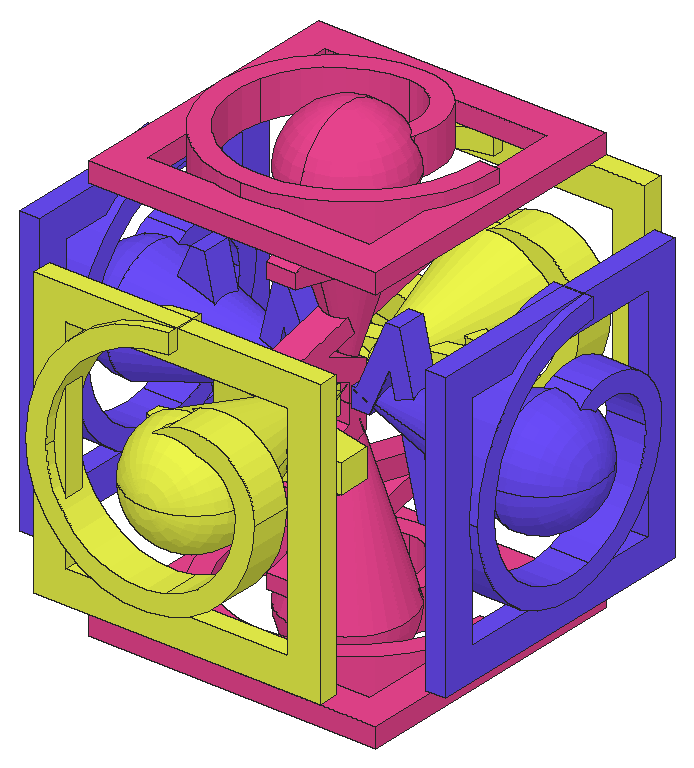
Revit family "4474f7a7a8354edb8a90cbab840c03d5", category Boundary Conditions, Revit 2021
Family settings
  Seek Item ID = Boundary Condition-Variable-0000-USA-ENU
  Work Plane-Based = No
  Always vertical = Yes
  Cut with Voids When Loaded = No
  Shared = No
Parameters (values of type "Boundary Condition-Variable")
  built-in parameter 1140532 [instance] = yes
  built-in parameter 1140531 [instance] = yes
  built-in parameter 1140530 [instance] = yes
  built-in parameter 1140529 [instance] = yes
  built-in parameter 1140528 [instance] = yes
  built-in parameter 1140527 [instance] = yes
  built-in parameter 1140526 [instance] = yes
  built-in parameter 1140525 [instance] = yes
  built-in parameter 1140524 [instance] = yes
  built-in parameter 1140523 [instance] = yes
  built-in parameter 1140522 [instance] = yes
  built-in parameter 1140521 [instance] = yes
Reference planes (in)
  plane 1 "Center (Front/Back)": y = 0
  plane 2: z = 0
  plane 3 "Center (Left/Right)": x = 0
  plane 4 "Xleft": x = 4.93725
  plane 5 "Xright": x = -4.93725
  plane 6 "Ztop": z = 4.93725
  plane 7 "Zbot": z = -4.93725
  plane 8 "PosY": y = 5.18725
  plane 9 "NegY": y = -5.18725
  plane 10 "PosX": x = 5.18725
  plane 11 "NegX": x = -5.18725
  plane 12: z = -2
  plane 13: z = 2
Forms (in)
  Revolve 1, solid, material "XDirection", visible <- "built-in parameter 1140523"
    sketch origin (0, 0, 0) x (1, 0, 0) y (0, 1, 0)
      loop
        line (-0.02205, 0.01273) -> (-4.93725, 1.51546)
        arc (-4.93725, 1.51546) -> (-6.00884, 1.07159) -> (-6.45271, 0) r 1.51546
        line (-6.45271, 0) -> (0, 0) -> (6.45271, 0)
        arc (6.45271, 0) -> (6.00884, 1.07159) -> (4.93725, 1.51546) r 1.51546
        line (4.93725, 1.51546) -> (0.02205, 0.01273) -> (-0.02205, 0.01273)
      axis (-6.45271, 0) -> (6.45271, 0)
    angle from 0 to 360
  Revolve 2, solid, material "YDirection", visible <- "built-in parameter 1140527"
    sketch origin (0, 0, 0) x (0, 1, 0) y (-1, 0, 0)
      loop
        line (-0.02205, 0.01273) -> (-4.93725, 1.51546)
        arc (-4.93725, 1.51546) -> (-6.00884, 1.07159) -> (-6.45271, 0) r 1.51546
        line (-6.45271, 0) -> (0, 0) -> (6.45271, 0)
        arc (6.45271, 0) -> (6.00884, 1.07159) -> (4.93725, 1.51546) r 1.51546
        line (4.93725, 1.51546) -> (0.02205, 0.01273) -> (-0.02205, 0.01273)
      axis (-6.45271, 0) -> (6.45271, 0)
    angle from 0 to 360
  Revolve 3, solid, material "ZDirection", visible <- "built-in parameter 1140531"
    sketch origin (0, 0, 0) x (0, 0, -1) y (0, 1, 0)
      loop
        line (-0.02205, 0.01273) -> (-4.93725, 1.51546)
        arc (-4.93725, 1.51546) -> (-6.00884, 1.07159) -> (-6.45271, 0) r 1.51546
        line (-6.45271, 0) -> (0, 0) -> (6.45271, 0)
        arc (6.45271, 0) -> (6.00884, 1.07159) -> (4.93725, 1.51546) r 1.51546
        line (4.93725, 1.51546) -> (0.02205, 0.01273) -> (-0.02205, 0.01273)
      axis (-6.45271, 0) -> (6.45271, 0)
    angle from 0 to 360
  Sweep 4, solid, material "XDirection", visible <- "built-in parameter 1140521"
    path origin (4.93725, 0, -3.24907) x (0, 0, 1) y (0, 1, 0)
      loop
        line (0, 3.66443) -> (0, -3.66443)
    profile origin (4.93725, 0, -3.24907) x (0, 0, 1) y (-1, 0, 0)
      loop
        line (0.41536, 0) -> (-0.41536, 0) -> (-0.41536, -0.5) -> (0.41536, -0.5) -> (0.41536, 0)
  Sweep 5, solid, material "XDirection", visible <- "built-in parameter 1140521"
    path origin (4.93725, -3.24907, 0) x (0, 1, 0) y (0, 0, -1)
      loop
        line (0, 3.66443) -> (0, -3.66443)
    profile origin (4.93725, -3.24907, 0) x (0, 1, 0) y (-1, 0, 0)
      loop
        line (0.41536, 0) -> (-0.41536, 0) -> (-0.41536, -0.5) -> (0.41536, -0.5) -> (0.41536, 0)
  Sweep 6, solid, material "XDirection", visible <- "built-in parameter 1140521"
    path origin (-5.43725, 0, -3.24907) x (0, 0, 1) y (0, 1, 0)
      loop
        line (0, 3.66443) -> (0, -3.66443)
    profile origin (-5.43725, 0, -3.24907) x (0, 0, 1) y (-1, 0, 0)
      loop
        line (0.41536, 0) -> (-0.41536, 0) -> (-0.41536, -0.5) -> (0.41536, -0.5) -> (0.41536, 0)
  Sweep 7, solid, material "XDirection", visible <- "built-in parameter 1140521"
    path origin (-5.43725, -3.24907, 0) x (0, 1, 0) y (0, 0, -1)
      loop
        line (0, 3.66443) -> (0, -3.66443)
    profile origin (-5.43725, -3.24907, 0) x (0, 1, 0) y (-1, 0, 0)
      loop
        line (0.41536, 0) -> (-0.41536, 0) -> (-0.41536, -0.5) -> (0.41536, -0.5) -> (0.41536, 0)
  Sweep 8, solid, material "ZDirection", visible <- "built-in parameter 1140529"
    path origin (-3.24907, 0, 4.93725) x (0, 1, 0) y (-1, 0, 0)
      loop
        line (3.66443, 0) -> (-3.66443, 0)
    profile origin (-3.24907, 0, 4.93725) x (1, 0, 0) y (0, 0, 1)
      loop
        line (-0.41536, 0) -> (0.41536, 0) -> (0.41536, 0.5) -> (-0.41536, 0.5) -> (-0.41536, 0)
  Sweep 9, solid, material "ZDirection", visible <- "built-in parameter 1140529"
    path origin (0, -3.24907, 4.93725) x (1, 0, 0) y (0, 1, 0)
      loop
        line (3.66443, 0) -> (-3.66443, 0)
    profile origin (0, -3.24907, 4.93725) x (0, -1, 0) y (0, 0, 1)
      loop
        line (-0.41536, 0) -> (0.41536, 0) -> (0.41536, 0.5) -> (-0.41536, 0.5) -> (-0.41536, 0)
  Sweep 10, solid, material "ZDirection", visible <- "built-in parameter 1140529"
    path origin (-3.24907, 0, -5.43725) x (0, 1, 0) y (-1, 0, 0)
      loop
        line (3.66443, 0) -> (-3.66443, 0)
    profile origin (-3.24907, 0, -5.43725) x (1, 0, 0) y (0, 0, 1)
      loop
        line (-0.41536, 0) -> (0.41536, 0) -> (0.41536, 0.5) -> (-0.41536, 0.5) -> (-0.41536, 0)
  Sweep 11, solid, material "ZDirection", visible <- "built-in parameter 1140529"
    path origin (0, -3.24907, -5.43725) x (1, 0, 0) y (0, 1, 0)
      loop
        line (3.66443, 0) -> (-3.66443, 0)
    profile origin (0, -3.24907, -5.43725) x (0, -1, 0) y (0, 0, 1)
      loop
        line (-0.41536, 0) -> (0.41536, 0) -> (0.41536, 0.5) -> (-0.41536, 0.5) -> (-0.41536, 0)
  Sweep 12, solid, material "YDirection", visible <- "built-in parameter 1140525"
    path origin (-3.25, 4.93725, 0) x (-1, 0, 0) y (0, 0, -1)
      loop
        line (0, 3.66443) -> (0, -3.66443)
    profile origin (-3.25, 4.93725, 0) x (-1, 0, 0) y (0, -1, 0)
      loop
        line (0.41536, 0) -> (-0.41536, 0) -> (-0.41536, -0.5) -> (0.41536, -0.5) -> (0.41536, 0)
  Sweep 13, solid, material "YDirection", visible <- "built-in parameter 1140525"
    path origin (0, 4.93725, -3.25) x (0, 0, -1) y (1, 0, 0)
      loop
        line (0, 3.66443) -> (0, -3.66443)
    profile origin (0, 4.93725, -3.25) x (0, 0, -1) y (0, -1, 0)
      loop
        line (0.41536, 0) -> (-0.41536, 0) -> (-0.41536, -0.5) -> (0.41536, -0.5) -> (0.41536, 0)
  Sweep 14, solid, material "YDirection", visible <- "built-in parameter 1140525"
    path origin (3.24907, -5.43725, 0) x (-1, 0, 0) y (0, 0, -1)
      loop
        line (0, 3.66443) -> (0, -3.66443)
    profile origin (3.24907, -5.43725, 0) x (-1, 0, 0) y (0, -1, 0)
      loop
        line (0.41536, 0) -> (-0.41536, 0) -> (-0.41536, -0.5) -> (0.41536, -0.5) -> (0.41536, 0)
  Sweep 15, solid, material "YDirection", visible <- "built-in parameter 1140525"
    path origin (0, -5.43725, -3.24907) x (0, 0, -1) y (1, 0, 0)
      loop
        line (0, 3.66443) -> (0, -3.66443)
    profile origin (0, -5.43725, -3.24907) x (0, 0, -1) y (0, -1, 0)
      loop
        line (0.41536, 0) -> (-0.41536, 0) -> (-0.41536, -0.5) -> (0.41536, -0.5) -> (0.41536, 0)
  Sweep 16, solid, material "XDirection", visible <- "built-in parameter 1140521"
    path origin (-5.43725, 0, 3.24907) x (0, 0, 1) y (0, 1, 0)
      loop
        line (0, 3.66443) -> (0, -3.66443)
    profile origin (-5.43725, 0, 3.24907) x (0, 0, 1) y (-1, 0, 0)
      loop
        line (0.41536, 0) -> (-0.41536, 0) -> (-0.41536, -0.5) -> (0.41536, -0.5) -> (0.41536, 0)
  Sweep 17, solid, material "YDirection", visible <- "built-in parameter 1140525"
    path origin (0, 4.93725, 3.25) x (0, 0, -1) y (1, 0, 0)
      loop
        line (0, 3.66443) -> (0, -3.66443)
    profile origin (0, 4.93725, 3.25) x (0, 0, -1) y (0, -1, 0)
      loop
        line (0.41536, 0) -> (-0.41536, 0) -> (-0.41536, -0.5) -> (0.41536, -0.5) -> (0.41536, 0)
  Sweep 18, solid, material "YDirection", visible <- "built-in parameter 1140525"
    path origin (3.25, 4.93725, 0) x (-1, 0, 0) y (0, 0, -1)
      loop
        line (0, 3.66443) -> (0, -3.66443)
    profile origin (3.25, 4.93725, 0) x (-1, 0, 0) y (0, -1, 0)
      loop
        line (0.41536, 0) -> (-0.41536, 0) -> (-0.41536, -0.5) -> (0.41536, -0.5) -> (0.41536, 0)
  Sweep 19, solid, material "ZDirection", visible <- "built-in parameter 1140529"
    path origin (3.24907, 0, 4.93725) x (0, 1, 0) y (-1, 0, 0)
      loop
        line (3.66443, 0) -> (-3.66443, 0)
    profile origin (3.24907, 0, 4.93725) x (1, 0, 0) y (0, 0, 1)
      loop
        line (-0.41536, 0) -> (0.41536, 0) -> (0.41536, 0.5) -> (-0.41536, 0.5) -> (-0.41536, 0)
  Sweep 20, solid, material "ZDirection", visible <- "built-in parameter 1140529"
    path origin (3.24907, 0, -5.43725) x (0, 1, 0) y (-1, 0, 0)
      loop
        line (3.66443, 0) -> (-3.66443, 0)
    profile origin (3.24907, 0, -5.43725) x (1, 0, 0) y (0, 0, 1)
      loop
        line (-0.41536, 0) -> (0.41536, 0) -> (0.41536, 0.5) -> (-0.41536, 0.5) -> (-0.41536, 0)
  Sweep 21, solid, material "XDirection", visible <- "built-in parameter 1140521"
    path origin (4.93725, 0, 3.24907) x (0, 0, 1) y (0, 1, 0)
      loop
        line (0, 3.66443) -> (0, -3.66443)
    profile origin (4.93725, 0, 3.24907) x (0, 0, 1) y (-1, 0, 0)
      loop
        line (0.41536, 0) -> (-0.41536, 0) -> (-0.41536, -0.5) -> (0.41536, -0.5) -> (0.41536, 0)
  Sweep 22, solid, material "YDirection", visible <- "built-in parameter 1140525"
    path origin (0, -5.43725, 3.24907) x (0, 0, -1) y (1, 0, 0)
      loop
        line (0, 3.66443) -> (0, -3.66443)
    profile origin (0, -5.43725, 3.24907) x (0, 0, -1) y (0, -1, 0)
      loop
        line (0.41536, 0) -> (-0.41536, 0) -> (-0.41536, -0.5) -> (0.41536, -0.5) -> (0.41536, 0)
  Sweep 23, solid, material "XDirection", visible <- "built-in parameter 1140521"
    path origin (-5.43725, 3.24907, 0) x (0, 1, 0) y (0, 0, -1)
      loop
        line (0, 3.66443) -> (0, -3.66443)
    profile origin (-5.43725, 3.24907, 0) x (0, 1, 0) y (-1, 0, 0)
      loop
        line (0.41536, 0) -> (-0.41536, 0) -> (-0.41536, -0.5) -> (0.41536, -0.5) -> (0.41536, 0)
  Sweep 24, solid, material "ZDirection", visible <- "built-in parameter 1140529"
    path origin (0, 3.24907, 4.93725) x (1, 0, 0) y (0, 1, 0)
      loop
        line (3.66443, 0) -> (-3.66443, 0)
    profile origin (0, 3.24907, 4.93725) x (0, -1, 0) y (0, 0, 1)
      loop
        line (-0.41536, 0) -> (0.41536, 0) -> (0.41536, 0.5) -> (-0.41536, 0.5) -> (-0.41536, 0)
  Sweep 25, solid, material "ZDirection", visible <- "built-in parameter 1140529"
    path origin (0, 3.24907, -5.43725) x (1, 0, 0) y (0, 1, 0)
      loop
        line (3.66443, 0) -> (-3.66443, 0)
    profile origin (0, 3.24907, -5.43725) x (0, -1, 0) y (0, 0, 1)
      loop
        line (-0.41536, 0) -> (0.41536, 0) -> (0.41536, 0.5) -> (-0.41536, 0.5) -> (-0.41536, 0)
  Sweep 26, solid, material "YDirection", visible <- "built-in parameter 1140525"
    path origin (-3.24907, -5.43725, 0) x (-1, 0, 0) y (0, 0, -1)
      loop
        line (0, 3.66443) -> (0, -3.66443)
    profile origin (-3.24907, -5.43725, 0) x (-1, 0, 0) y (0, -1, 0)
      loop
        line (0.41536, 0) -> (-0.41536, 0) -> (-0.41536, -0.5) -> (0.41536, -0.5) -> (0.41536, 0)
  Sweep 27, solid, material "XDirection", visible <- "built-in parameter 1140521"
    path origin (4.93725, 3.24907, 0) x (0, 1, 0) y (0, 0, -1)
      loop
        line (0, 3.66443) -> (0, -3.66443)
    profile origin (4.93725, 3.24907, 0) x (0, 1, 0) y (-1, 0, 0)
      loop
        line (0.41536, 0) -> (-0.41536, 0) -> (-0.41536, -0.5) -> (0.41536, -0.5) -> (0.41536, 0)
  Extrusion 28, solid, material "YDirection", visible <- "built-in parameter 1140526"
    sketch origin (0, 5.18725, 0) x (-1, 0, 0) y (0, 0, 1)
      loop
        line (0, 3.66443) -> (0, 3.16443)
        arc (0, 3.16443) -> (2.23759, 2.23759) -> (3.16443, 0) r 3.16443
        arc (3.16443, 0) -> (2.22176, -1.9206) -> (0.12578, -2.34979) r 2.42787
        arc (0.12578, -2.34979) -> (-1.18404, -1.4852) -> (-1.69131, 0) r 2.42787
        arc (-1.69131, 0) -> (-1.20851, 0.92091) -> (-0.17646, 1.04763) r 1.11968
        arc (-0.17646, 1.04763) -> (0.22021, 0.68576) -> (0.25968, 0.15028) r 0.72589
        arc (0.25968, 0.15028) -> (0.20098, 0.07714) -> (0.10829, 0.06288) r 0.12935
        line (0.10829, 0.06288) -> (0, -0.42525)
        arc (0, -0.42525) -> (0.45098, -0.35587) -> (0.73656, 0) r 0.62935
        arc (0.73656, 0) -> (0.66991, 0.90433) -> (0, 1.51546) r 1.22589
        arc (0, 1.51546) -> (-1.49291, 1.33215) -> (-2.19131, 0) r 1.61968
        arc (-2.19131, 0) -> (-1.57958, -1.79107) -> (0, -2.83371) r 2.92787
        arc (0, -2.83371) -> (2.52763, -2.31613) -> (3.66443, 0) r 2.92787
        arc (3.66443, 0) -> (2.59114, 2.59114) -> (0, 3.66443) r 3.66443
    from -0.5 to 0.5
  Extrusion 29, solid, material "XDirection", visible <- "built-in parameter 1140522"
    sketch origin (5.18195, 0.73656, 0) x (0, -1, 0) y (0, 0, 1)
      loop
        line (0, 3.66443) -> (0, 3.16443)
        arc (0, 3.16443) -> (2.23759, 2.23759) -> (3.16443, 0) r 3.16443
        arc (3.16443, 0) -> (2.22176, -1.9206) -> (0.12578, -2.34979) r 2.42787
        arc (0.12578, -2.34979) -> (-1.18404, -1.4852) -> (-1.69131, 0) r 2.42787
        arc (-1.69131, 0) -> (-1.20851, 0.92091) -> (-0.17646, 1.04763) r 1.11968
        arc (-0.17646, 1.04763) -> (0.22021, 0.68576) -> (0.25968, 0.15028) r 0.72589
        arc (0.25968, 0.15028) -> (0.20098, 0.07714) -> (0.10829, 0.06288) r 0.12935
        line (0.10829, 0.06288) -> (0, -0.42525)
        arc (0, -0.42525) -> (0.45098, -0.35587) -> (0.73656, 0) r 0.62935
        arc (0.73656, 0) -> (0.66991, 0.90433) -> (0, 1.51546) r 1.22589
        arc (0, 1.51546) -> (-1.49291, 1.33215) -> (-2.19131, 0) r 1.61968
        arc (-2.19131, 0) -> (-1.57958, -1.79107) -> (0, -2.83371) r 2.92787
        arc (0, -2.83371) -> (2.52763, -2.31613) -> (3.66443, 0) r 2.92787
        arc (3.66443, 0) -> (2.59114, 2.59114) -> (0, 3.66443) r 3.66443
    from -0.5 to 0.5
  Extrusion 30, solid, material "XDirection", visible <- "built-in parameter 1140522"
    sketch origin (-5.18725, 0.73656, 0) x (0, -1, 0) y (0, 0, 1)
      loop
        line (0, 3.66443) -> (0, 3.16443)
        arc (0, 3.16443) -> (2.23759, 2.23759) -> (3.16443, 0) r 3.16443
        arc (3.16443, 0) -> (2.22176, -1.9206) -> (0.12578, -2.34979) r 2.42787
        arc (0.12578, -2.34979) -> (-1.18404, -1.4852) -> (-1.69131, 0) r 2.42787
        arc (-1.69131, 0) -> (-1.20851, 0.92091) -> (-0.17646, 1.04763) r 1.11968
        arc (-0.17646, 1.04763) -> (0.22021, 0.68576) -> (0.25968, 0.15028) r 0.72589
        arc (0.25968, 0.15028) -> (0.20098, 0.07714) -> (0.10829, 0.06288) r 0.12935
        line (0.10829, 0.06288) -> (0, -0.42525)
        arc (0, -0.42525) -> (0.45098, -0.35587) -> (0.73656, 0) r 0.62935
        arc (0.73656, 0) -> (0.66991, 0.90433) -> (0, 1.51546) r 1.22589
        arc (0, 1.51546) -> (-1.49291, 1.33215) -> (-2.19131, 0) r 1.61968
        arc (-2.19131, 0) -> (-1.57958, -1.79107) -> (0, -2.83371) r 2.92787
        arc (0, -2.83371) -> (2.52763, -2.31613) -> (3.66443, 0) r 2.92787
        arc (3.66443, 0) -> (2.59114, 2.59114) -> (0, 3.66443) r 3.66443
    from -0.5 to 0.5
  Extrusion 31, solid, material "ZDirection", visible <- "built-in parameter 1140530"
    sketch origin (-0.37362, 0.73656, -5.13681) x (0, -1, 0) y (1, 0, 0)
      loop
        line (0, 3.66443) -> (0, 3.16443)
        arc (0, 3.16443) -> (2.23759, 2.23759) -> (3.16443, 0) r 3.16443
        arc (3.16443, 0) -> (2.22176, -1.9206) -> (0.12578, -2.34979) r 2.42787
        arc (0.12578, -2.34979) -> (-1.18404, -1.4852) -> (-1.69131, 0) r 2.42787
        arc (-1.69131, 0) -> (-1.20851, 0.92091) -> (-0.17646, 1.04763) r 1.11968
        arc (-0.17646, 1.04763) -> (0.22021, 0.68576) -> (0.25968, 0.15028) r 0.72589
        arc (0.25968, 0.15028) -> (0.20098, 0.07714) -> (0.10829, 0.06288) r 0.12935
        line (0.10829, 0.06288) -> (0, -0.42525)
        arc (0, -0.42525) -> (0.45098, -0.35587) -> (0.73656, 0) r 0.62935
        arc (0.73656, 0) -> (0.66991, 0.90433) -> (0, 1.51546) r 1.22589
        arc (0, 1.51546) -> (-1.49291, 1.33215) -> (-2.19131, 0) r 1.61968
        arc (-2.19131, 0) -> (-1.57958, -1.79107) -> (0, -2.83371) r 2.92787
        arc (0, -2.83371) -> (2.52763, -2.31613) -> (3.66443, 0) r 2.92787
        arc (3.66443, 0) -> (2.59114, 2.59114) -> (0, 3.66443) r 3.66443
    from -0.5 to 0.5
  Extrusion 32, solid, material "ZDirection", visible <- "built-in parameter 1140530"
    sketch origin (-0.37362, 0.73656, 5.2679) x (0, -1, 0) y (1, 0, 0)
      loop
        line (0, 3.66443) -> (0, 3.16443)
        arc (0, 3.16443) -> (2.23759, 2.23759) -> (3.16443, 0) r 3.16443
        arc (3.16443, 0) -> (2.22176, -1.9206) -> (0.12578, -2.34979) r 2.42787
        arc (0.12578, -2.34979) -> (-1.18404, -1.4852) -> (-1.69131, 0) r 2.42787
        arc (-1.69131, 0) -> (-1.20851, 0.92091) -> (-0.17646, 1.04763) r 1.11968
        arc (-0.17646, 1.04763) -> (0.22021, 0.68576) -> (0.25968, 0.15028) r 0.72589
        arc (0.25968, 0.15028) -> (0.20098, 0.07714) -> (0.10829, 0.06288) r 0.12935
        line (0.10829, 0.06288) -> (0, -0.42525)
        arc (0, -0.42525) -> (0.45098, -0.35587) -> (0.73656, 0) r 0.62935
        arc (0.73656, 0) -> (0.66991, 0.90433) -> (0, 1.51546) r 1.22589
        arc (0, 1.51546) -> (-1.49291, 1.33215) -> (-2.19131, 0) r 1.61968
        arc (-2.19131, 0) -> (-1.57958, -1.79107) -> (0, -2.83371) r 2.92787
        arc (0, -2.83371) -> (2.52763, -2.31613) -> (3.66443, 0) r 2.92787
        arc (3.66443, 0) -> (2.59114, 2.59114) -> (0, 3.66443) r 3.66443
    from -0.5 to 0.5
  Extrusion 33, solid, material "XDirection", visible <- "built-in parameter 1140524"
    sketch origin (0, 0, 0) x (-1, 0, 0) y (0, 0, -1)
      loop
        line (0, 0.25) -> (0, -0.25) -> (0.5, -0.25) -> (1.24283, -2) -> (1.61603, -2) -> (2.4921, 1.79469) -> (3.36817, -2) -> (3.74137, -2) -> (4.4842, -0.25) -> (5.43725, -0.25) -> (5.43725, 0.25) -> (4.15326, 0.25) -> (3.64066, -0.95759) -> (2.88982, 2.29469) -> (2.09438, 2.29469) -> (1.34353, -0.95759) -> (0.83094, 0.25) -> (0, 0.25)
    from -0.39631 to 0.33557
  Extrusion 34, solid, material "YDirection", visible <- "built-in parameter 1140526"
    sketch origin (0, -5.18725, 0) x (-1, 0, 0) y (0, 0, 1)
      loop
        line (0, 3.66443) -> (0, 3.16443)
        arc (0, 3.16443) -> (2.23759, 2.23759) -> (3.16443, 0) r 3.16443
        arc (3.16443, 0) -> (2.22176, -1.9206) -> (0.12578, -2.34979) r 2.42787
        arc (0.12578, -2.34979) -> (-1.18404, -1.4852) -> (-1.69131, 0) r 2.42787
        arc (-1.69131, 0) -> (-1.20851, 0.92091) -> (-0.17646, 1.04763) r 1.11968
        arc (-0.17646, 1.04763) -> (0.22021, 0.68576) -> (0.25968, 0.15028) r 0.72589
        arc (0.25968, 0.15028) -> (0.20098, 0.07714) -> (0.10829, 0.06288) r 0.12935
        line (0.10829, 0.06288) -> (0, -0.42525)
        arc (0, -0.42525) -> (0.45098, -0.35587) -> (0.73656, 0) r 0.62935
        arc (0.73656, 0) -> (0.66991, 0.90433) -> (0, 1.51546) r 1.22589
        arc (0, 1.51546) -> (-1.49291, 1.33215) -> (-2.19131, 0) r 1.61968
        arc (-2.19131, 0) -> (-1.57958, -1.79107) -> (0, -2.83371) r 2.92787
        arc (0, -2.83371) -> (2.52763, -2.31613) -> (3.66443, 0) r 2.92787
        arc (3.66443, 0) -> (2.59114, 2.59114) -> (0, 3.66443) r 3.66443
    from -0.5 to 0.5
  Extrusion 35, solid, material "XDirection", visible <- "built-in parameter 1140524"
    sketch origin (0, 0, 0) x (1, 0, 0) y (0, 0, 1)
      loop
        line (0, -0.25) -> (0.83094, -0.25) -> (1.34353, 0.95759) -> (2.09438, -2.29469) -> (2.88982, -2.29469) -> (3.64066, 0.95759) -> (4.15326, -0.25) -> (5.43725, -0.25) -> (5.43725, 0.25) -> (4.4842, 0.25) -> (3.74137, 2) -> (3.36817, 2) -> (2.4921, -1.79469) -> (1.61603, 2) -> (1.24283, 2) -> (0.5, 0.25) -> (0, 0.25) -> (0, -0.25)
    from -0.39631 to 0.33557
  Extrusion 36, solid, material "ZDirection", visible <- "built-in parameter 1140532"
    sketch origin (-0.03037, -0.11698, -0.14735) x (0, 0, 1) y (0, 1, 0)
      loop
        line (0, 0.25) -> (0, -0.25) -> (0.5, -0.25) -> (1.24283, -2) -> (1.61603, -2) -> (2.4921, 1.79469) -> (3.36817, -2) -> (3.74137, -2) -> (4.4842, -0.25) -> (5.43725, -0.25) -> (5.43725, 0.25) -> (4.15326, 0.25) -> (3.64066, -0.95759) -> (2.88982, 2.29469) -> (2.09438, 2.29469) -> (1.34353, -0.95759) -> (0.83094, 0.25) -> (0, 0.25)
    from -0.39631 to 0.33557
  Extrusion 37, solid, material "ZDirection", visible <- "built-in parameter 1140532"
    sketch origin (-0.03037, -0.11698, -0.14735) x (0, 0, -1) y (0, -1, 0)
      loop
        line (0, -0.25) -> (0.83094, -0.25) -> (1.34353, 0.95759) -> (2.09438, -2.29469) -> (2.88982, -2.29469) -> (3.64066, 0.95759) -> (4.15326, -0.25) -> (5.43725, -0.25) -> (5.43725, 0.25) -> (4.4842, 0.25) -> (3.74137, 2) -> (3.36817, 2) -> (2.4921, -1.79469) -> (1.61603, 2) -> (1.24283, 2) -> (0.5, 0.25) -> (0, 0.25) -> (0, -0.25)
    from -0.39631 to 0.33557
  Extrusion 38, solid, material "YDirection", visible <- "built-in parameter 1140528"
    sketch origin (-0.14735, 0.03037, -0.11698) x (0, -1, 0) y (1, 0, 0)
      loop
        line (0, 0.25) -> (0, -0.25) -> (0.5, -0.25) -> (1.24283, -2) -> (1.61603, -2) -> (2.4921, 1.79469) -> (3.36817, -2) -> (3.74137, -2) -> (4.4842, -0.25) -> (5.43725, -0.25) -> (5.43725, 0.25) -> (4.15326, 0.25) -> (3.64066, -0.95759) -> (2.88982, 2.29469) -> (2.09438, 2.29469) -> (1.34353, -0.95759) -> (0.83094, 0.25) -> (0, 0.25)
    from -0.39631 to 0.33557
  Extrusion 39, solid, material "YDirection", visible <- "built-in parameter 1140528"
    sketch origin (-0.14735, 0.03037, -0.11698) x (0, 1, 0) y (-1, 0, 0)
      loop
        line (0, -0.25) -> (0.83094, -0.25) -> (1.34353, 0.95759) -> (2.09438, -2.29469) -> (2.88982, -2.29469) -> (3.64066, 0.95759) -> (4.15326, -0.25) -> (5.43725, -0.25) -> (5.43725, 0.25) -> (4.4842, 0.25) -> (3.74137, 2) -> (3.36817, 2) -> (2.4921, -1.79469) -> (1.61603, 2) -> (1.24283, 2) -> (0.5, 0.25) -> (0, 0.25) -> (0, -0.25)
    from -0.39631 to 0.33557
Cuts and joins
  joined: Sweep 12, Sweep 13, Sweep 17, Sweep 18
  joined: Sweep 14, Sweep 15, Sweep 22, Sweep 26
  joined: Sweep 6, Sweep 7, Sweep 16, Sweep 23
  joined: Sweep 8, Sweep 9, Sweep 10, Sweep 11, Sweep 19, Sweep 20, Sweep 24, Sweep 25
  joined: Sweep 4, Sweep 5, Sweep 21, Sweep 27
Lines and regions (in)
  model lines
    curve 1: line (-5.18725, 0, 0) -> (5.18725, 0, 0)
    curve 2: line (0, 0, -5.43725) -> (0, 0, 5.06275)
    curve 3: line (0, 5.18725, 0) -> (0, -5.18725, 0)
Dimensions and locks (in)
  Sweep 4 sketch curve to Sweep 4 sketch curve to level = 0' - 0.83072", 0' - 2.83371"
  Sweep 5 sketch curve to Sweep 5 sketch curve = 0' - 0.83072"
  Sweep 6 sketch curve to Sweep 6 sketch curve = 0' - 0.83072"
  Sweep 7 sketch curve to Sweep 7 sketch curve = 0' - 0.83072"
  Sweep 8 sketch curve to Sweep 8 sketch curve = 0' - 0.83072"
  Sweep 9 sketch curve to Sweep 9 sketch curve = 0' - 0.83072"
  Sweep 10 sketch curve to Sweep 10 sketch curve = 0' - 0.83072"
  Sweep 11 sketch curve to Sweep 11 sketch curve = 0' - 0.83072"
  Sweep 12 sketch curve to Sweep 12 sketch curve = 0' - 0.83072"
  Sweep 13 sketch curve to Sweep 13 sketch curve = 0' - 0.83072"
  Sweep 14 sketch curve to Sweep 14 sketch curve = 0' - 0.83072"
  Sweep 15 sketch curve to Sweep 15 sketch curve = 0' - 0.83072"
  Sweep 16 sketch curve to Sweep 16 sketch curve = 0' - 0.83072"
  Sweep 17 sketch curve to Sweep 17 sketch curve = 0' - 0.83072"
  Sweep 18 sketch curve to Sweep 18 sketch curve = 0' - 0.83072"
  Sweep 19 sketch curve to Sweep 19 sketch curve = 0' - 0.83072"
  Sweep 20 sketch curve to Sweep 20 sketch curve = 0' - 0.83072"
  Sweep 21 sketch curve to Sweep 21 sketch curve = 0' - 0.83072"
  Sweep 22 sketch curve to Sweep 22 sketch curve = 0' - 0.83072"
  Sweep 23 sketch curve to Sweep 23 sketch curve = 0' - 0.83072"
  Sweep 24 sketch curve to Sweep 24 sketch curve = 0' - 0.83072"
  Sweep 25 sketch curve to Sweep 25 sketch curve = 0' - 0.83072"
  Sweep 26 sketch curve to Sweep 26 sketch curve = 0' - 0.83072"
  Sweep 27 sketch curve to Sweep 27 sketch curve = 0' - 0.83072"
  plane 12 to plane 2 = 0' - 2"
  plane 2 to plane 13 = 0' - 2"
